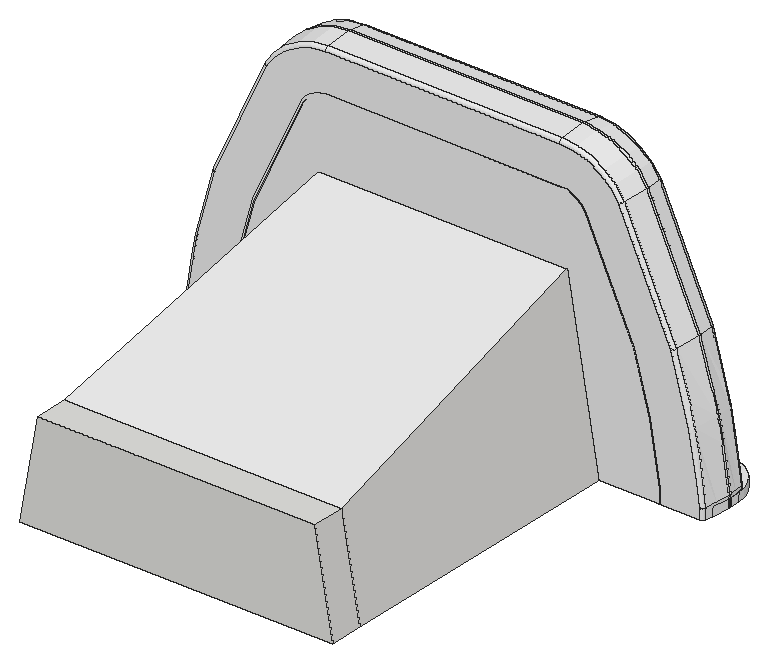
Revit family "Plumbing-Sink-Sloan-Valve-EWF-44000", category Plumbing Fixtures, host Face, Revit 2019 (continued)
Definition of nested family "Geometry"
  Automatic sketch dimensions
    curve 3 to curve 2 = 1.19733"
    plane 22 to curve 11 = 1.70087"
    plane 22 to curve 15 = 1.33535"
    curve 15 to curve 16 = 0.26238"
    curve 1 to plane 22 = 0.01653"
    curve 12 to plane 28 = 7.56826"
    curve 12 to level = 6.10237"
    curve 10 to level = 6.10237"
    curve 4 to curve 4 = 0.7941"
    curve 1 to curve 1 = 0.7941"
    curve 4 to curve 17 = 6.53094"
    curve 1 to curve 15 = 6.56666"
    curve 17 to curve 18 = 0.08022"
    curve 15 to curve 16 = 0.08022"
    curve 17 to curve 6 = 3.48574"
    curve 15 to curve 3 = 3.65075"
    curve 6 to curve 5 = 0.27224"
    curve 6 to curve 13 = 5.90906"
    curve 7 to curve 11 = 5.90906"
    plane 31 to curve 14 = 1.68934"
    curve 9 to plane 29 = 0.08726"
    plane 23 to curve 12 = 0.6145"
    curve 12 to curve 13 = 0"
    curve 18 to curve 18 = 0.19093"
    curve 18 to curve 18 = 0.00844"
    curve 15 to curve 15 = 0.0283"
    curve 15 to curve 16 = 0.28224"
    plane 22 to curve 8 = 0.08379"
    curve 10 to curve 11 = 0"
    level to curve 10 = 1.29419"
    curve 8 to plane 28 = 0.11608"
    plane 18 to Extrusion 23 sketch curve = 0.86385"
    plane 18 to Extrusion 23 sketch curve = 0.11385"
    Extrusion 23 sketch curve to Extrusion 23 sketch curve = 3/4"
    plane 18 to Extrusion 24 sketch curve = 0.86385"
    plane 18 to Extrusion 24 sketch curve = 0.11385"
    Extrusion 24 sketch curve to Extrusion 24 sketch curve = 3/4"
    Extrusion 9 sketch curve to plane 3 "Center (Left/Right)" = 0"
    Extrusion 9 sketch curve to plane 14 = 0"
    plane 17 to Extrusion 9 sketch curve = 1.81046"
    plane 17 to Extrusion 9 sketch curve = 3.81046"
    plane 11 to Extrusion 9 sketch curve = 1 1/2"
    Extrusion 9 sketch curve to plane 11 = 1 1/2"
    radius of Extrusion 9 sketch curve = 1/4"  (x2)
    radius of Extrusion 9 sketch curve = 3/4"
Types (2): name | z_FM | z_D | Model
  EWF-44000 | no | 6" | "EWF-44000"
  EWF-44000-FM | yes | 0" | "EWF-44000-FM"
